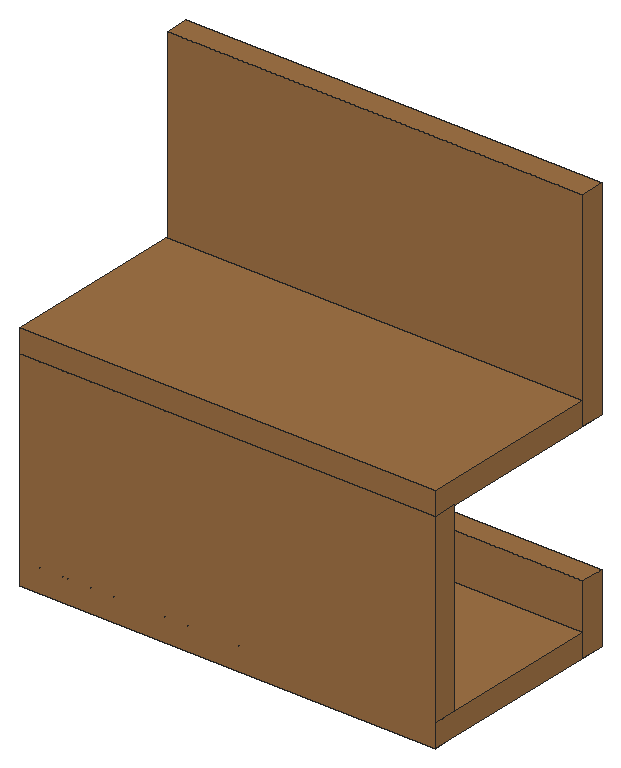
Revit family "panca1", category Modelli generici, Revit 2012
Parameters (values of type "L90 x p45x h45")
  p - profondita = 45 cm
  legno = Default
  h22 - altezza stupida = 45 cm
  h - altezza1 = 45 cm
  L - lunghezza = 90 cm
Types (5, lengths in cm): name | h22 - altezza stupida | h - altezza1 | L - lunghezza
  (no name) | 45 | 45 | 90
  L90 x p45x h45 | 45 | 45 | 90
  L45 x p45 xh45 | 45 | 45 | 45
  L135 x p45 x hs 135 | 135 | 45 | 135
  L135 x p45 xha135 | 45 | 135 | 135
Reference planes (cm)
  plane 1 "Centro (Fronte/Retro)": y = 0
  plane 2: z = 0
  plane 3 "Centro (Sinistra/Destra)": x = 0
  plane 4: x = 90
  plane 5: y = -45
  plane 6: z = 45
  plane 7: z = -45
Forms (cm)
  Extrusion 1, solid, material "Default"
    sketch origin (0, 0, 0) x (1, 0, 0) y (0, 0, 1)
      loop
        line (0, 45) -> (0, 0) -> (90, 0) -> (90, 45) -> (0, 45)
    from 0 to 5
  Extrusion 2, solid, material "Default"
    sketch origin (0, -12.4551, 0) x (0, 1, 0) y (0, 0, 1)
      loop
        line (-27.5449, -45) -> (-27.5449, 0) -> (-32.5449, 0) -> (-32.5449, -45) -> (-27.5449, -45)
    from 0 to 90
  Extrusion 3, solid, material "Default"
    sketch origin (0, 0, 0) x (1, 0, 0) y (0, 1, 0)
      loop
        line (0, 0) -> (0, -45) -> (90, -45) -> (90, 0) -> (0, 0)
    from 0 to 5
  Extrusion 4, solid, material "Default"
    sketch origin (193.9148, 0, -45) x (1, 0, 0) y (0, 1, 0)
      loop
        line (-193.9148, 0) -> (-193.9148, -45) -> (-103.9148, -45) -> (-103.9148, 0) -> (-193.9148, 0)
    from 0 to 5
  Extrusion 5, solid, material "Default"
    sketch origin (183.9148, 0, -45) x (1, 0, 0) y (0, 1, 0)
      loop
        line (-183.9148, -5) -> (-93.9148, -5) -> (-93.9148, 0) -> (-183.9148, 0) -> (-183.9148, -5)
    from 0 to 15
Dimensions and locks (cm)
  "L - lunghezza": plane 4 to plane 3 "Centro (Sinistra/Destra)"
  "p - profondita": plane 5 to plane 1 "Centro (Fronte/Retro)"
  "h - altezza1": plane 6 to Extrusion 2
  "h22 - altezza stupida": plane 7 to Extrusion 1
  "h22 - altezza stupida": plane 7 to plane 2
  "h - altezza1": level to plane 6
  aligned and locked: level to plane 2
  aligned and locked: plane 6 to Extrusion 1  (x3)
  aligned and locked: level to Extrusion 2
  aligned and locked: plane 4 to Extrusion 1
  aligned and locked: Extrusion 1 to plane 3 "Centro (Sinistra/Destra)"
  aligned and locked: Extrusion 1 to plane 1 "Centro (Fronte/Retro)"
  aligned and locked: Extrusion 2 to plane 5
  aligned and locked: plane 1 "Centro (Fronte/Retro)" to Extrusion 1
  aligned and locked: Extrusion 3 to plane 1 "Centro (Fronte/Retro)"
  aligned and locked: Extrusion 3 to plane 5
  aligned and locked: Extrusion 3 to plane 3 "Centro (Sinistra/Destra)"
  aligned and locked: plane 4 to Extrusion 3
  aligned and locked: Extrusion 2 to plane 4
  aligned and locked: plane 2 to Extrusion 2
  aligned and locked: Extrusion 3 to plane 2
  aligned and locked: plane 2 to Extrusion 3
  aligned and locked: Extrusion 2 to plane 7
  aligned and locked: plane 7 to Extrusion 2
  aligned and locked: Extrusion 4 to plane 7
  aligned and locked: Extrusion 4 to plane 1 "Centro (Fronte/Retro)"
  aligned and locked: Extrusion 5 to plane 1 "Centro (Fronte/Retro)"
  aligned and locked: Extrusion 5 to plane 7
  aligned and locked: Extrusion 1 to plane 6  (x4)
  aligned and locked: Extrusion 1 to level
Automatic sketch dimensions
  Extrusion 1 sketch curve to level = 0 cm
  Extrusion 1 sketch curve to plane 3 "Centro (Sinistra/Destra)" = 0 cm
  Extrusion 1 sketch curve to plane 4 = 0 cm
  Extrusion 1 sketch curve to plane 6 = 0 cm
  Extrusion 2 sketch curve to plane 5 = 0 cm
  Extrusion 2 sketch curve to level = 0 cm
  Extrusion 2 sketch curve to plane 7 = 0 cm
  Extrusion 2 sketch curve to Extrusion 2 sketch curve = 5 cm
  Extrusion 3 sketch curve to plane 3 "Centro (Sinistra/Destra)" = 0 cm
  Extrusion 3 sketch curve to plane 4 = 0 cm
  Extrusion 3 sketch curve to plane 5 = 0 cm
  plane 1 "Centro (Fronte/Retro)" to Extrusion 3 sketch curve = 0 cm
  Extrusion 4 sketch curve to plane 5 = 0 cm
  plane 1 "Centro (Fronte/Retro)" to Extrusion 4 sketch curve = 0 cm
  Extrusion 4 sketch curve to plane 3 "Centro (Sinistra/Destra)" = 0 cm
  Extrusion 4 sketch curve to plane 4 = 0 cm
  plane 1 "Centro (Fronte/Retro)" to Extrusion 5 sketch curve = 0 cm
  Extrusion 5 sketch curve to plane 3 "Centro (Sinistra/Destra)" = 0 cm
  Extrusion 5 sketch curve to plane 4 = 0 cm
  plane 1 "Centro (Fronte/Retro)" to Extrusion 5 sketch curve = 5 cm
